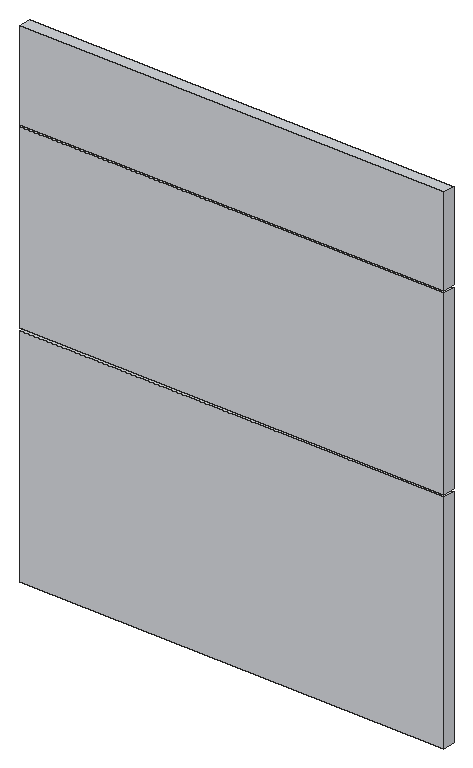
Revit family "Front - 3 Drawers", category Casework, Revit 2026
Family settings
  Work Plane-Based = No
  Always vertical = Yes
  Cut with Voids When Loaded = No
  Shared = No
  Room Calculation Point = No
Parameters (values of type "Front - 3 Drawers")
  Width = 600 mm
  Swing = yes
  Height = 704 mm
  Front Finish = none
  Depth = 16 mm
  Default Elevation = 0 mm
  Creator Organization [instance] = "© Danish Educational Content"  # constant formula
  Creator Name [instance] = "© Erik Falck Jørgensen"  # constant formula
  Creator Build [instance] = "2023.0405.0"  # constant formula
  Assembly Code = ""
Reference planes
  plane 1 "Front": y = 0
  plane 2: z = 0
  plane 3 "Center (Left/Right)": x = 0
  plane 4: x = -300
  plane 5: x = 300
  plane 6: z = 704
  plane 7: z = 576
  plane 8: z = 320
  plane 9: z = 576
  plane 10: z = 320
Forms (mm)
  Extrusion 1, solid, material <- "Front Finish"
    sketch origin (0, 0, 0) x (1, 0, 0) y (0, 0, 1)
      loop
        line (-297, 701) -> (-297, 3) -> (297, 3) -> (297, 701) -> (-297, 701)
    from 0 to 16 <- "Depth"
  Extrusion 2, void
    sketch origin (0, 0, 0) x (0, 1, 0) y (0, 0, 1)
      loop
        line (0, 577.5) -> (-16, 577.5) -> (-16, 574.5) -> (0, 574.5) -> (0, 577.5)
    from -300 to 300
  Extrusion 3, void
    sketch origin (0, 0, -256) x (0, 1, 0) y (0, 0, 1)
      loop
        line (0, 577.5) -> (-16, 577.5) -> (-16, 574.5) -> (0, 574.5) -> (0, 577.5)
    from -300 to 300
Cuts and joins
  Extrusion 2, Extrusion 3 cuts Extrusion 1
Lines and regions (mm)
  symbolic lines, style "Elevation Swing", visible <- "Swing"
    curve 1: line (-279.787, -35.011, 0) -> (279.787, -35.011, 0)
    curve 2: line (-259.597, -69.981, 0) -> (259.597, -69.981, 0)
    curve 3: line (-239.407, -104.951, 0) -> (239.407, -104.951, 0)
  symbolic lines, style "InvisibleLines"
    curve 4: line (-300, 0, 0) -> (-199.009, -174.921, 0)
    curve 5: line (300, 0, 0) -> (199.009, -174.921, 0)
  reference lines
    curve 6: line (-300, 0, 0) -> (-100, -346.41, 0)
    curve 7: line (300, 0, 0) -> (102.5, -342.08, 0)
Dimensions and locks
  equal spacing: plane 4, plane 3 "Center (Left/Right)", plane 5
  "Width": plane 4 to plane 5
  "Height": plane 6 to plane 2
  locked: Extrusion 1 sketch curve to plane 2 at 3
  locked: plane 6 to Extrusion 1 sketch curve at 3
  locked: Extrusion 1 sketch curve to plane 4 at 3
  locked: plane 5 to Extrusion 1 sketch curve at 3
  plane 6 to plane 7 to plane 8 to plane 2 = 128 mm, 256 mm, 320 mm
  equal spacing: Extrusion 2 sketch curve, plane 9, Extrusion 2 sketch curve
  locked: Extrusion 2 sketch curve to Extrusion 2 sketch curve at 3
  equal spacing: Extrusion 3 sketch curve, plane 10, Extrusion 3 sketch curve
  locked: Extrusion 3 sketch curve to Extrusion 3 sketch curve at 3
  curve 3 to curve 2 to curve 1 to plane 1 "Front" = 34.97 mm locked, 34.97 mm locked, 35.011 mm locked
  locked: plane 4 to curve 6 (angle 30.00°)
  locked: curve 7 to plane 5 (angle 30.00°)
  aligned and locked: level to plane 2
  aligned and locked: Extrusion 2 sketch curve to Extrusion 1  (x2)
  aligned and locked: plane 7 to plane 9
  aligned and locked: plane 8 to plane 10
  aligned and locked: cut or joined group of Extrusion 1, Extrusion 2, Extrusion 3 to plane 4  (x2)
  aligned: cut or joined group of Extrusion 1, Extrusion 2, Extrusion 3 to plane 4  (x2)
  aligned: plane 5 to cut or joined group of Extrusion 1, Extrusion 2, Extrusion 3  (x2)
  aligned and locked: plane 5 to cut or joined group of Extrusion 1, Extrusion 2, Extrusion 3  (x2)
  aligned and locked: curve 7 to curve 5
  aligned and locked: curve 4 to curve 6
Automatic sketch dimensions
  Extrusion 3 sketch curve to plane 1 "Front" = 0 mm
  Extrusion 3 sketch curve to Extrusion 3 sketch curve = 16 mm
  plane 1 "Front" to curve 6 = 0 mm
  curve 6 to plane 4 = 0 mm
  plane 1 "Front" to curve 7 = 0 mm
  curve 7 to plane 5 = 0 mm
  plane 1 "Front" to curve 4 = 0 mm
  plane 1 "Front" to curve 5 = 0 mm
  curve 3 to curve 4 = 40.397 mm
  curve 5 to curve 3 = 40.397 mm
